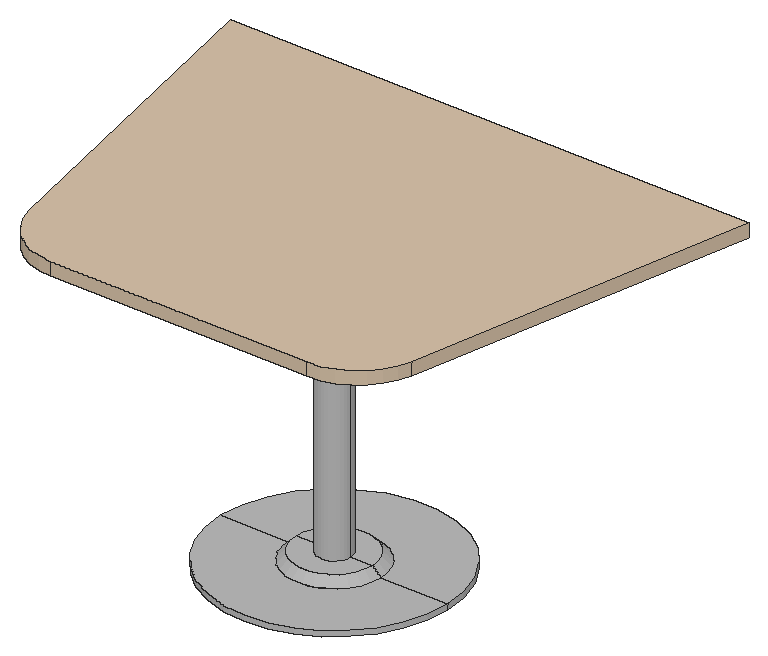
Revit family "Haworth_Patterns_Worksurface_Key", category Furniture Systems, Revit 2018
Family settings
  Round Connector Dimension = Use Diameter
  Part Type = Normal
  OmniClass Number = 23.40.70.14.64.21
  OmniClass Title = Systems Furniture
  Work Plane-Based = No
  Always vertical = Yes
  Cut with Voids When Loaded = No
  Shared = No
  Room Calculation Point = No
Parameters (values of type "48w 36d")
  Worksurface Finish = Haworth _ Wood _ White Oak
  Worksurface Edge Finish = Haworth _ Wood _ White Oak
  Width = 48"
  Warranty = "http://www.haworth.com/resources/product-info/warranties"
  URL - Product = "https://www.haworth.com/na/en/products/collaborative-conference/patterns.html"
  URL = "https://www.haworth.com/na/en.html"
  Sustainability Info = "http://www.haworth.com/company-info/sustainability"
  Support Finish = Haworth _ Paint _ Metallic Champagne
  Support Column = no
  Model = "Haworth - Worksurface - Patterns - Key"  # constant formula
  Min. Height = 22"  # constant formula
  Max. Height = 42"  # constant formula
  Leg Height = Actual Height - Table Thickness  # 27 13/16"
  Disc Base Support = yes
  Disc Base Radius = if(Actual Depth > 36", 13 1/2", 10 1/2")  # 10 1/2"
  Description = "Haworth - Worksurface - Patterns - Key"  # constant formula
  Depth = 36"
  Size = "Verify Final Dim. w/ Haworth"  # constant formula
  Revision Number = "3"  # constant formula
  Min/Max Width = if(Actual Depth = 30", "36, 48 in.", if(Actual Depth = 36", "48, 60, 72 in.", "60, 72 in."))  # "48, 60, 72 in."
  Min/Max Depth = "30, 36, 42, 48 in."  # constant formula
  Min. Width = 36"  # constant formula
  Max. Width = 72"  # constant formula
  Min. Depth = 30"  # constant formula
  Max. Depth = 48"  # constant formula
  Manufacturer = "Haworth"  # constant formula
  Height = 29"
  Flip-top Location = 4"  # constant formula
  Custom Size = not(and(and(not(Height > 32"), not(Height < 26")), or(Width = 36", Width = 48", Width = 60", Width = 72"), or(Depth = 30", Depth = 36", Depth = 42", Depth = 48")))  # no
  Author = "SHAPE Environments, LLC"  # constant formula
  Assembly Code = "E2020200"
  Actual Width = if(Width > Max. Width, Max. Width, if(Width < Min. Width, Min. Width, if(Width < Depth, Depth, Width)))  # 48"
  Actual Height = if(Height > Max. Height, Max. Height, if(Height < Min. Height, Min. Height, Height))  # 29"
  Actual Depth = if(Depth > Max. Depth, Max. Depth, if(Depth < Min. Depth, Min. Depth, Depth))  # 36"
  Min/Max Height = "26-32 in."  # constant formula
  Table Thickness = 1 3/16"  # constant formula
Reference planes (in)
  plane 1 "Center F/B": y = 5.5
  plane 2: z = 0
  plane 3 "Center L/R": x = 0
  plane 4 "Table Bottom": z = 27.8125
  plane 5 "Table Top": z = 29
  plane 6 "Flip Top Location": y = 19.5
  plane 7 "Back": y = 23.5
  plane 8 "Right": x = 24
  plane 9 "Left": x = -24
  plane 10 "Front": y = -12.5
Lines and regions (in)
  Masking region 1
    outline origin (0, 0, 0) x (1, 0, 0) y (0, 1, 0)
      loop
        line (24, 23.5) -> (-24, 23.5) -> (-17.76466, -7.6767)
        arc (-17.76466, -7.6767) -> (-15.68511, -11.14005) -> (-11.88118, -12.5) r 6
        line (-11.88118, -12.5) -> (11.88118, -12.5)
        arc (11.88118, -12.5) -> (15.68511, -11.14005) -> (17.76466, -7.6767) r 6
        line (17.76466, -7.6767) -> (24, 23.5)
  symbolic lines, style "Haworth Hidden", visible <- "Disc Base Support", detail levels fine
    curve 1: circle (0, 5.5, 0) r 10.44248 normal (0, 0, 1)
    curve 2: circle (0, 5.5, 0) r 1.5 normal (0, 0, 1)
  symbolic lines, style "Haworth Hidden", visible <- "Support Column", detail levels fine
    curve 3: circle (0, 5.5, 0) r 1.5 normal (0, 0, 1)
Dimensions and locks (in)
  "Table Thickness": plane 5 "Table Top" to plane 4 "Table Bottom"
  "Actual Height": plane 5 "Table Top" to plane 2
  "Flip-top Location": plane 6 "Flip Top Location" to plane 7 "Back"
  equal spacing: plane 10 "Front", plane 1 "Center F/B", plane 7 "Back"
  "Actual Depth": plane 7 "Back" to plane 10 "Front"
  equal spacing: plane 9 "Left", plane 3 "Center L/R", plane 8 "Right"
  "Actual Width": plane 9 "Left" to plane 8 "Right"
  aligned and locked: plane 1 "Center F/B" to nested 1
  aligned and locked: plane 5 "Table Top" to nested 1
  aligned and locked: nested 1 to plane 4 "Table Bottom"
  aligned and locked: plane 1 "Center F/B" to nested 2
  aligned and locked: plane 3 "Center L/R" to nested 2
  aligned and locked: Masking region 1 sketch curve to nested 1  (x4)
Automatic sketch dimensions
  plane 10 "Front" to Masking region 1 sketch curve = 4.8233"  (x2)
  Masking region 1 sketch curve to plane 8 "Right" = 0"
  curve 1 to curve 2 = 0"  (x2)
  curve 1 to curve 3 = 0"  (x2)
  curve 2 to curve 3 = 0"  (x2)
  plane 1 "Center F/B" to curve 2 = 0"
  curve 2 to plane 3 "Center L/R" = 0"
  radius of curve 1 = 10.44248"
  radius of curve 2 = 1 1/2"
  radius of curve 3 = 1 1/2"
Nested families (in)
  nested 1: "Haworth_Worksurface-Key" at (0, 5.5, 0), type "Table"
    with Table Top Thickness 1 3/16", Actual Height 29"
  nested 2: "Haworth_Worksurface-Supports-Round" at (0, 0, 0), type "Base"
    with Support Column no
Definition of nested family "Haworth_Worksurface-Key"
  Parameters
    Warranty = ""
    URL - Product = ""
    URL = "www.haworth.com"
    Table Top Thickness = 1 1/2"
    Table Finish = none
    Table Edge Finish = none
    Sustainability Info = ""
    Size = "Verify Final Dim. w/ Haworth"  # constant formula
    Revision Number = ""
    OmniClass Number = ""
    Material Options = ""
    Manufacturer = "Haworth"  # constant formula
    LEED Data = ""
    Author = "SHAPE Environments, LLC"  # constant formula
    Assembly Code = ""
    Actual Width = 48"
    Actual Height = 30"
    Actual Depth = 36"
  Reference planes (in)
    plane 1 "Center F/B": y = 0
    plane 2: z = 0
    plane 3 "Center L/R": x = 0
    plane 4 "Table Front": y = 18
    plane 5 "Table Right": x = 24
    plane 6 "Table Left": x = -24
    plane 7 "Table Back": y = -18
    plane 8 "Table Top": z = 30
    plane 9 "Table Bottom": z = 28.5
  Forms (in)
    Extrusion 1, solid, material <- "Table Finish"
      sketch origin (0, 0, 0) x (0, 1, 0) y (-1, 0, 0)
        loop
          line (18, 24) -> (-13.1767, 17.76466)
          arc (-13.1767, 17.76466) -> (-16.64005, 15.68511) -> (-18, 11.88118) r 6
          line (-18, 11.88118) -> (-18, -11.88118)
          arc (-18, -11.88118) -> (-16.64005, -15.68511) -> (-13.1767, -17.76466) r 6
          line (-13.1767, -17.76466) -> (18, -24) -> (18, 24)
      from 28.5 to 30
  Dimensions and locks (in)
    "Actual Depth": plane 7 "Table Back" to plane 4 "Table Front"
    "Actual Width": plane 6 "Table Left" to plane 5 "Table Right"
    equal spacing: plane 6 "Table Left", plane 3 "Center L/R", plane 5 "Table Right"
    equal spacing: plane 4 "Table Front", plane 1 "Center F/B", plane 7 "Table Back"
    "Table Top Thickness": plane 8 "Table Top" to plane 9 "Table Bottom"
    "Actual Height": plane 8 "Table Top" to level
    angle Extrusion 1 sketch curve to plane 4 "Table Front" = 78.6901°
    angle plane 4 "Table Front" to Extrusion 1 sketch curve = 78.6901°
    aligned: Extrusion 1 to plane 5 "Table Right"
    aligned and locked: plane 8 "Table Top" to Extrusion 1
    aligned and locked: Extrusion 1 to plane 9 "Table Bottom"
    aligned: plane 7 "Table Back" to Extrusion 1
    aligned: plane 4 "Table Front" to Extrusion 1
    aligned and locked: Extrusion 1 to plane 8 "Table Top"
    aligned and locked: plane 9 "Table Bottom" to Extrusion 1
  Automatic sketch dimensions
    plane 7 "Table Back" to Extrusion 1 sketch curve = 0"
    Extrusion 1 sketch curve to plane 4 "Table Front" = 0"
    Extrusion 1 sketch curve to plane 5 "Table Right" = 0"
    Extrusion 1 sketch curve to plane 6 "Table Left" = 0"
    Extrusion 1 sketch curve to plane 7 "Table Back" = 4.8233"  (x2)
    Extrusion 1 sketch curve to plane 7 "Table Back" = 6"  (x2)
Definition of nested family "Haworth_Worksurface-Supports-Round"
  Parameters
    Warranty = ""
    URL - Product = ""
    URL = "www.haworth.com"
    Support Column = yes
    Leg Height = 27 13/16"
    Disc Radius = 10 1/2"
    Disc Base = yes
    Base Finish = none
    Sustainability Info = ""
    Size = "Verify Final Dim. w/ Haworth"  # constant formula
    Revision Number = ""
    OmniClass Number = ""
    Material Options = ""
    Manufacturer = "Haworth"  # constant formula
    LEED Data = ""
    Author = "SHAPE Environments, LLC"  # constant formula
    Assembly Code = ""
  Reference planes (in)
    plane 1 "Center F/B": y = 5.5
    plane 2: z = 0
    plane 3 "Center L/R": x = 0
    plane 4 "Table Bottom": z = 27.8125
  Forms (in)
    Revolve 1, solid, material <- "Base Finish", visible <- "Disc Base"
      sketch origin (0, 5.5, 0) x (1, 0, 0) y (0, 0, 1)
        loop
          line (0, 27.8125) -> (-1.5, 27.8125) -> (-1.5, 1.25) -> (-3.53244, 1.25) -> (-4.28244, 0.5) -> (-10.5, 0.5) -> (-10.5, 0) -> (0, 0) -> (0, 27.8125)
        axis (0, 27.8125) -> (0, 0)
      angle from 0 to 360
    Revolve 2, solid, material <- "Base Finish", visible <- "Support Column"
      sketch origin (0, 5.5, 0) x (1, 0, 0) y (0, 0, 1)
        loop
          line (0, 27.8125) -> (-1.5, 27.8125) -> (-1.5, 0) -> (0, 0) -> (0, 27.8125)
        axis (0, 27.8125) -> (0, 0)
      angle from 0 to 360
  Dimensions and locks (in)
    "Disc Radius": plane 3 "Center L/R" to Revolve 1 sketch curve
    "Leg Height": plane 4 "Table Bottom" to level
    plane 3 "Center L/R" to Revolve 1 sketch curve = 1 1/2"
    locked: plane 3 "Center L/R" to Revolve 2 sketch curve at 1.5
    aligned and locked: Revolve 1 to plane 4 "Table Bottom"  (x2)
  Automatic sketch dimensions
    Revolve 1 sketch curve to level = 0"
    Revolve 1 sketch curve to plane 4 "Table Bottom" = 0"
    Revolve 1 sketch curve to plane 3 "Center L/R" = 0"  (x2)
    Revolve 1 sketch curve to Revolve 1 sketch curve = 2.03244"
    level to Revolve 1 sketch curve = 1/2"
    Revolve 1 sketch curve to Revolve 1 sketch curve = 3/4"
    Revolve 1 sketch curve to Revolve 1 sketch curve = 6.24462"
    level to Revolve 1 sketch curve = 1 1/4"
    Revolve 1 sketch curve to Revolve 1 sketch curve = 7.21204"
    Revolve 2 sketch curve to plane 4 "Table Bottom" = 0"
    Revolve 2 sketch curve to plane 3 "Center L/R" = 0"  (x2)
    Revolve 2 sketch curve to Revolve 2 sketch curve = 6.24462"
    Revolve 2 sketch curve to Revolve 2 sketch curve = 7.21204"
    Revolve 2 sketch curve to level = 0"
